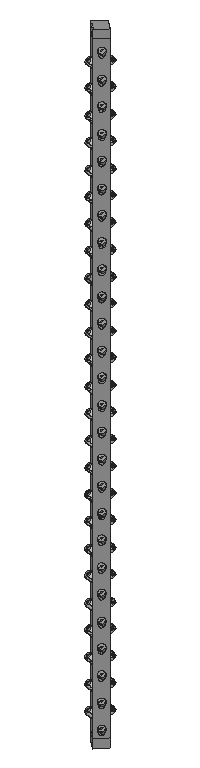
Revit family "Vertical Farm C", category Columns, Revit 2024 (continued)
Forms (in)
  Extrusion 508, solid, material "vert garm"
    sketch origin (-2.49011, 2.45256, 85.16682) x (0.707107, 0.707107, 0) y (-0.5, 0.5, -0.707107)
      loop
        circle (0, 0) r 1
    from 0 to -3
  Extrusion 509, solid
    sketch origin (-2.49011, 2.45256, 85.16682) x (0.707107, 0.707107, 0) y (-0.5, 0.5, -0.707107)
      loop
        circle (0, 0) r 1
      loop
        circle (0, 0) r 1.125
    from -0.35396 to -3
  Extrusion 510, void
    sketch origin (-2.49011, 2.45256, 85.16682) x (0.707107, 0.707107, 0) y (-0.5, 0.5, -0.707107)
      loop
        circle (0, 0) r 1.125
      loop
        circle (0, 0) r 1.09375
    from -0.35396 to -3
  Extrusion 511, solid, material "vert garm"
    sketch origin (-2.49011, 2.45256, 93.91682) x (0.707107, 0.707107, 0) y (-0.5, 0.5, -0.707107)
      loop
        circle (0, 0) r 0.3125
      loop
        circle (0, 0) r 1
    from 0 to -3
  Extrusion 512, solid
    sketch origin (-2.49011, 2.45256, 93.91682) x (0.707107, 0.707107, 0) y (-0.5, 0.5, -0.707107)
      loop
        circle (0, 0) r 1
      loop
        circle (0, 0) r 1.125
    from -0.35396 to -3
  Extrusion 513, void
    sketch origin (-2.49011, 2.45256, 93.91682) x (0.707107, 0.707107, 0) y (-0.5, 0.5, -0.707107)
      loop
        circle (0, 0) r 1.125
      loop
        circle (0, 0) r 1.09375
    from -0.35396 to -3
  Extrusion 514, solid, material "vert garm"
    sketch origin (-2.49011, 2.45256, 102.66682) x (0.707107, 0.707107, 0) y (-0.5, 0.5, -0.707107)
      loop
        circle (0, 0) r 0.3125
      loop
        circle (0, 0) r 1
    from 0 to -3
  Extrusion 515, solid
    sketch origin (-2.49011, 2.45256, 102.66682) x (0.707107, 0.707107, 0) y (-0.5, 0.5, -0.707107)
      loop
        circle (0, 0) r 1
      loop
        circle (0, 0) r 1.125
    from -0.35396 to -3
  Extrusion 516, void
    sketch origin (-2.49011, 2.45256, 102.66682) x (0.707107, 0.707107, 0) y (-0.5, 0.5, -0.707107)
      loop
        circle (0, 0) r 1.125
      loop
        circle (0, 0) r 1.09375
    from -0.35396 to -3
  Extrusion 517, solid, material "vert garm"
    sketch origin (-2.49011, 2.45256, 111.16682) x (0.707107, 0.707107, 0) y (-0.5, 0.5, -0.707107)
      loop
        circle (0, 0) r 0.3125
      loop
        circle (0, 0) r 1
    from 0 to -3
  Extrusion 518, solid
    sketch origin (-2.49011, 2.45256, 111.16682) x (0.707107, 0.707107, 0) y (-0.5, 0.5, -0.707107)
      loop
        circle (0, 0) r 1
      loop
        circle (0, 0) r 1.125
    from -0.35396 to -3
  Extrusion 519, void
    sketch origin (-2.49011, 2.45256, 111.16682) x (0.707107, 0.707107, 0) y (-0.5, 0.5, -0.707107)
      loop
        circle (0, 0) r 1.125
      loop
        circle (0, 0) r 1.09375
    from -0.35396 to -3
  Extrusion 520, solid, material "vert garm"
    sketch origin (-2.49011, 2.45256, 120.16682) x (0.707107, 0.707107, 0) y (-0.5, 0.5, -0.707107)
      loop
        circle (0, 0) r 0.3125
      loop
        circle (0, 0) r 1
    from 0 to -3
  Extrusion 521, solid
    sketch origin (-2.49011, 2.45256, 120.16682) x (0.707107, 0.707107, 0) y (-0.5, 0.5, -0.707107)
      loop
        circle (0, 0) r 1
      loop
        circle (0, 0) r 1.125
    from -0.35396 to -3
  Extrusion 522, void
    sketch origin (-2.49011, 2.45256, 120.16682) x (0.707107, 0.707107, 0) y (-0.5, 0.5, -0.707107)
      loop
        circle (0, 0) r 1.125
      loop
        circle (0, 0) r 1.09375
    from -0.35396 to -3
  Extrusion 523, solid, material "vert garm"
    sketch origin (-2.49011, 2.45256, 137.66682) x (0.707107, 0.707107, 0) y (-0.5, 0.5, -0.707107)
      loop
        circle (0, 0) r 0.3125
      loop
        circle (0, 0) r 1
    from 0 to -3
  Extrusion 524, solid
    sketch origin (-2.49011, 2.45256, 137.66682) x (0.707107, 0.707107, 0) y (-0.5, 0.5, -0.707107)
      loop
        circle (0, 0) r 1
      loop
        circle (0, 0) r 1.125
    from -0.35396 to -3
  Extrusion 525, void
    sketch origin (-2.49011, 2.45256, 137.66682) x (0.707107, 0.707107, 0) y (-0.5, 0.5, -0.707107)
      loop
        circle (0, 0) r 1.125
      loop
        circle (0, 0) r 1.09375
    from -0.35396 to -3
  Extrusion 526, solid, material "vert garm"
    sketch origin (-2.49011, 2.45256, 128.66682) x (0.707107, 0.707107, 0) y (-0.5, 0.5, -0.707107)
      loop
        circle (0, 0) r 0.3125
      loop
        circle (0, 0) r 1
    from 0 to -3
  Extrusion 527, solid
    sketch origin (-2.49011, 2.45256, 128.66682) x (0.707107, 0.707107, 0) y (-0.5, 0.5, -0.707107)
      loop
        circle (0, 0) r 1
      loop
        circle (0, 0) r 1.125
    from -0.35396 to -3
  Extrusion 528, void
    sketch origin (-2.49011, 2.45256, 128.66682) x (0.707107, 0.707107, 0) y (-0.5, 0.5, -0.707107)
      loop
        circle (0, 0) r 1.125
      loop
        circle (0, 0) r 1.09375
    from -0.35396 to -3
  Extrusion 529, solid, material "vert garm"
    sketch origin (-2.49011, 2.45256, 146.16682) x (0.707107, 0.707107, 0) y (-0.5, 0.5, -0.707107)
      loop
        circle (0, 0) r 0.3125
      loop
        circle (0, 0) r 1
    from 0 to -3
  Extrusion 530, solid
    sketch origin (-2.49011, 2.45256, 146.16682) x (0.707107, 0.707107, 0) y (-0.5, 0.5, -0.707107)
      loop
        circle (0, 0) r 1
      loop
        circle (0, 0) r 1.125
    from -0.35396 to -3
  Extrusion 531, void
    sketch origin (-2.49011, 2.45256, 146.16682) x (0.707107, 0.707107, 0) y (-0.5, 0.5, -0.707107)
      loop
        circle (0, 0) r 1.125
      loop
        circle (0, 0) r 1.09375
    from -0.35396 to -3
  Extrusion 532, solid, material "vert garm"
    sketch origin (2.54944, 2.53024, 80.92659) x (0.707107, -0.707107, 0) y (0.5, 0.5, -0.707107)
      loop
        circle (0, 0) r 0.3125
      loop
        circle (0, 0) r 1
    from 0 to -3
  Extrusion 533, solid
    sketch origin (2.54944, 2.53024, 80.92659) x (0.707107, -0.707107, 0) y (0.5, 0.5, -0.707107)
      loop
        circle (0, 0) r 1
      loop
        circle (0, 0) r 1.125
    from -0.35396 to -3
  Extrusion 534, void
    sketch origin (2.54944, 2.53024, 80.92659) x (0.707107, -0.707107, 0) y (0.5, 0.5, -0.707107)
      loop
        circle (0, 0) r 1.125
      loop
        circle (0, 0) r 1.09375
    from -0.35396 to -3
  Extrusion 535, solid, material "vert garm"
    sketch origin (2.54944, 2.53024, 89.66682) x (0.707107, -0.707107, 0) y (0.5, 0.5, -0.707107)
      loop
        circle (0, 0) r 0.3125
      loop
        circle (0, 0) r 1
    from 0 to -3
  Extrusion 536, solid
    sketch origin (2.54944, 2.53024, 89.66682) x (0.707107, -0.707107, 0) y (0.5, 0.5, -0.707107)
      loop
        circle (0, 0) r 1
      loop
        circle (0, 0) r 1.125
    from -0.35396 to -3
  Extrusion 537, void
    sketch origin (2.54944, 2.53024, 89.66682) x (0.707107, -0.707107, 0) y (0.5, 0.5, -0.707107)
      loop
        circle (0, 0) r 1.125
      loop
        circle (0, 0) r 1.09375
    from -0.35396 to -3
  Extrusion 538, solid, material "vert garm"
    sketch origin (2.54944, 2.53024, 98.41682) x (0.707107, -0.707107, 0) y (0.5, 0.5, -0.707107)
      loop
        circle (0, 0) r 0.3125
      loop
        circle (0, 0) r 1
    from 0 to -3
  Extrusion 539, solid
    sketch origin (2.54944, 2.53024, 98.41682) x (0.707107, -0.707107, 0) y (0.5, 0.5, -0.707107)
      loop
        circle (0, 0) r 1
      loop
        circle (0, 0) r 1.125
    from -0.35396 to -3
  Extrusion 540, void
    sketch origin (2.54944, 2.53024, 98.41682) x (0.707107, -0.707107, 0) y (0.5, 0.5, -0.707107)
      loop
        circle (0, 0) r 1.125
      loop
        circle (0, 0) r 1.09375
    from -0.35396 to -3
  Extrusion 541, solid, material "vert garm"
    sketch origin (2.54944, 2.53024, 107.16682) x (0.707107, -0.707107, 0) y (0.5, 0.5, -0.707107)
      loop
        circle (0, 0) r 0.3125
      loop
        circle (0, 0) r 1
    from 0 to -3
  Extrusion 542, solid
    sketch origin (2.54944, 2.53024, 107.16682) x (0.707107, -0.707107, 0) y (0.5, 0.5, -0.707107)
      loop
        circle (0, 0) r 1
      loop
        circle (0, 0) r 1.125
    from -0.35396 to -3
  Extrusion 543, void
    sketch origin (2.54944, 2.53024, 107.16682) x (0.707107, -0.707107, 0) y (0.5, 0.5, -0.707107)
      loop
        circle (0, 0) r 1.125
      loop
        circle (0, 0) r 1.09375
    from -0.35396 to -3
  Extrusion 544, solid, material "vert garm"
    sketch origin (2.54944, 2.53024, 115.66682) x (0.707107, -0.707107, 0) y (0.5, 0.5, -0.707107)
      loop
        circle (0, 0) r 0.3125
      loop
        circle (0, 0) r 1
    from 0 to -3
  Extrusion 545, solid
    sketch origin (2.54944, 2.53024, 115.66682) x (0.707107, -0.707107, 0) y (0.5, 0.5, -0.707107)
      loop
        circle (0, 0) r 1
      loop
        circle (0, 0) r 1.125
    from -0.35396 to -3
  Extrusion 546, void
    sketch origin (2.54944, 2.53024, 115.66682) x (0.707107, -0.707107, 0) y (0.5, 0.5, -0.707107)
      loop
        circle (0, 0) r 1.125
      loop
        circle (0, 0) r 1.09375
    from -0.35396 to -3
  Extrusion 547, solid, material "vert garm"
    sketch origin (2.54944, 2.53024, 124.66682) x (0.707107, -0.707107, 0) y (0.5, 0.5, -0.707107)
      loop
        circle (0, 0) r 0.3125
      loop
        circle (0, 0) r 1
    from 0 to -3
  Extrusion 548, solid
    sketch origin (2.54944, 2.53024, 124.66682) x (0.707107, -0.707107, 0) y (0.5, 0.5, -0.707107)
      loop
        circle (0, 0) r 1
      loop
        circle (0, 0) r 1.125
    from -0.35396 to -3
  Extrusion 549, void
    sketch origin (2.54944, 2.53024, 124.66682) x (0.707107, -0.707107, 0) y (0.5, 0.5, -0.707107)
      loop
        circle (0, 0) r 1.125
      loop
        circle (0, 0) r 1.09375
    from -0.35396 to -3
  Extrusion 550, solid, material "vert garm"
    sketch origin (2.54944, 2.53024, 142.16682) x (0.707107, -0.707107, 0) y (0.5, 0.5, -0.707107)
      loop
        circle (0, 0) r 0.3125
      loop
        circle (0, 0) r 1
    from 0 to -3
  Extrusion 551, solid
    sketch origin (2.54944, 2.53024, 142.16682) x (0.707107, -0.707107, 0) y (0.5, 0.5, -0.707107)
      loop
        circle (0, 0) r 1
      loop
        circle (0, 0) r 1.125
    from -0.35396 to -3
  Extrusion 552, void
    sketch origin (2.54944, 2.53024, 142.16682) x (0.707107, -0.707107, 0) y (0.5, 0.5, -0.707107)
      loop
        circle (0, 0) r 1.125
      loop
        circle (0, 0) r 1.09375
    from -0.35396 to -3
  Extrusion 553, solid, material "vert garm"
    sketch origin (2.54944, 2.53024, 133.16682) x (0.707107, -0.707107, 0) y (0.5, 0.5, -0.707107)
      loop
        circle (0, 0) r 0.3125
      loop
        circle (0, 0) r 1
    from 0 to -3
  Extrusion 554, solid
    sketch origin (2.54944, 2.53024, 133.16682) x (0.707107, -0.707107, 0) y (0.5, 0.5, -0.707107)
      loop
        circle (0, 0) r 1
      loop
        circle (0, 0) r 1.125
    from -0.35396 to -3
  Extrusion 555, void
    sketch origin (2.54944, 2.53024, 133.16682) x (0.707107, -0.707107, 0) y (0.5, 0.5, -0.707107)
      loop
        circle (0, 0) r 1.125
      loop
        circle (0, 0) r 1.09375
    from -0.35396 to -3
  Extrusion 556, solid, material "vert garm"
    sketch origin (2.54944, 2.53024, 150.66682) x (0.707107, -0.707107, 0) y (0.5, 0.5, -0.707107)
      loop
        circle (0, 0) r 0.3125
      loop
        circle (0, 0) r 1
    from 0 to -3
  Extrusion 557, solid
    sketch origin (2.54944, 2.53024, 150.66682) x (0.707107, -0.707107, 0) y (0.5, 0.5, -0.707107)
      loop
        circle (0, 0) r 1
      loop
        circle (0, 0) r 1.125
    from -0.35396 to -3
  Extrusion 558, void
    sketch origin (2.54944, 2.53024, 150.66682) x (0.707107, -0.707107, 0) y (0.5, 0.5, -0.707107)
      loop
        circle (0, 0) r 1.125
      loop
        circle (0, 0) r 1.09375
    from -0.35396 to -3
  Extrusion 559, solid, material "vert garm"
    sketch origin (-2.41244, -2.58698, 80.92659) x (-0.707107, 0.707107, 0) y (-0.5, -0.5, -0.707107)
      loop
        circle (0, 0) r 0.3125
      loop
        circle (0, 0) r 1
    from 0 to -3
  Extrusion 560, solid
    sketch origin (-2.41244, -2.58698, 80.92659) x (-0.707107, 0.707107, 0) y (-0.5, -0.5, -0.707107)
      loop
        circle (0, 0) r 1
      loop
        circle (0, 0) r 1.125
    from -0.35396 to -3
  Extrusion 561, void
    sketch origin (-2.41244, -2.58698, 80.92659) x (-0.707107, 0.707107, 0) y (-0.5, -0.5, -0.707107)
      loop
        circle (0, 0) r 1.125
      loop
        circle (0, 0) r 1.09375
    from -0.35396 to -3
  Extrusion 562, solid, material "vert garm"
    sketch origin (-2.41244, -2.58698, 89.66682) x (-0.707107, 0.707107, 0) y (-0.5, -0.5, -0.707107)
      loop
        circle (0, 0) r 0.3125
      loop
        circle (0, 0) r 1
    from 0 to -3
  Extrusion 563, solid
    sketch origin (-2.41244, -2.58698, 89.66682) x (-0.707107, 0.707107, 0) y (-0.5, -0.5, -0.707107)
      loop
        circle (0, 0) r 1
      loop
        circle (0, 0) r 1.125
    from -0.35396 to -3
  Extrusion 564, void
    sketch origin (-2.41244, -2.58698, 89.66682) x (-0.707107, 0.707107, 0) y (-0.5, -0.5, -0.707107)
      loop
        circle (0, 0) r 1.125
      loop
        circle (0, 0) r 1.09375
    from -0.35396 to -3
  Extrusion 565, solid, material "vert garm"
    sketch origin (-2.41244, -2.58698, 98.41682) x (-0.707107, 0.707107, 0) y (-0.5, -0.5, -0.707107)
      loop
        circle (0, 0) r 0.3125
      loop
        circle (0, 0) r 1
    from 0 to -3
  Extrusion 566, solid
    sketch origin (-2.41244, -2.58698, 98.41682) x (-0.707107, 0.707107, 0) y (-0.5, -0.5, -0.707107)
      loop
        circle (0, 0) r 1
      loop
        circle (0, 0) r 1.125
    from -0.35396 to -3
  Extrusion 567, void
    sketch origin (-2.41244, -2.58698, 98.41682) x (-0.707107, 0.707107, 0) y (-0.5, -0.5, -0.707107)
      loop
        circle (0, 0) r 1.125
      loop
        circle (0, 0) r 1.09375
    from -0.35396 to -3
  Extrusion 568, solid, material "vert garm"
    sketch origin (-2.41244, -2.58698, 107.16682) x (-0.707107, 0.707107, 0) y (-0.5, -0.5, -0.707107)
      loop
        circle (0, 0) r 0.3125
      loop
        circle (0, 0) r 1
    from 0 to -3
  Extrusion 569, solid
    sketch origin (-2.41244, -2.58698, 107.16682) x (-0.707107, 0.707107, 0) y (-0.5, -0.5, -0.707107)
      loop
        circle (0, 0) r 1
      loop
        circle (0, 0) r 1.125
    from -0.35396 to -3
  Extrusion 570, void
    sketch origin (-2.41244, -2.58698, 107.16682) x (-0.707107, 0.707107, 0) y (-0.5, -0.5, -0.707107)
      loop
        circle (0, 0) r 1.125
      loop
        circle (0, 0) r 1.09375
    from -0.35396 to -3
  Extrusion 571, solid, material "vert garm"
    sketch origin (-2.41244, -2.58698, 115.66682) x (-0.707107, 0.707107, 0) y (-0.5, -0.5, -0.707107)
      loop
        circle (0, 0) r 0.3125
      loop
        circle (0, 0) r 1
    from 0 to -3
  Extrusion 572, solid
    sketch origin (-2.41244, -2.58698, 115.66682) x (-0.707107, 0.707107, 0) y (-0.5, -0.5, -0.707107)
      loop
        circle (0, 0) r 1
      loop
        circle (0, 0) r 1.125
    from -0.35396 to -3
  Extrusion 573, void
    sketch origin (-2.41244, -2.58698, 115.66682) x (-0.707107, 0.707107, 0) y (-0.5, -0.5, -0.707107)
      loop
        circle (0, 0) r 1.125
      loop
        circle (0, 0) r 1.09375
    from -0.35396 to -3
  Extrusion 574, solid, material "vert garm"
    sketch origin (-2.41244, -2.58698, 124.66682) x (-0.707107, 0.707107, 0) y (-0.5, -0.5, -0.707107)
      loop
        circle (0, 0) r 0.3125
      loop
        circle (0, 0) r 1
    from 0 to -3
  Extrusion 575, solid
    sketch origin (-2.41244, -2.58698, 124.66682) x (-0.707107, 0.707107, 0) y (-0.5, -0.5, -0.707107)
      loop
        circle (0, 0) r 1
      loop
        circle (0, 0) r 1.125
    from -0.35396 to -3
  Extrusion 576, void
    sketch origin (-2.41244, -2.58698, 124.66682) x (-0.707107, 0.707107, 0) y (-0.5, -0.5, -0.707107)
      loop
        circle (0, 0) r 1.125
      loop
        circle (0, 0) r 1.09375
    from -0.35396 to -3
  Extrusion 577, solid, material "vert garm"
    sketch origin (-2.41244, -2.58698, 142.16682) x (-0.707107, 0.707107, 0) y (-0.5, -0.5, -0.707107)
      loop
        circle (0, 0) r 0.3125
      loop
        circle (0, 0) r 1
    from 0 to -3
  Extrusion 578, solid
    sketch origin (-2.41244, -2.58698, 142.16682) x (-0.707107, 0.707107, 0) y (-0.5, -0.5, -0.707107)
      loop
        circle (0, 0) r 1
      loop
        circle (0, 0) r 1.125
    from -0.35396 to -3
  Extrusion 579, void
    sketch origin (-2.41244, -2.58698, 142.16682) x (-0.707107, 0.707107, 0) y (-0.5, -0.5, -0.707107)
      loop
        circle (0, 0) r 1.125
      loop
        circle (0, 0) r 1.09375
    from -0.35396 to -3
  Extrusion 580, solid, material "vert garm"
    sketch origin (-2.41244, -2.58698, 133.16682) x (-0.707107, 0.707107, 0) y (-0.5, -0.5, -0.707107)
      loop
        circle (0, 0) r 0.3125
      loop
        circle (0, 0) r 1
    from 0 to -3
  Extrusion 581, solid
    sketch origin (-2.41244, -2.58698, 133.16682) x (-0.707107, 0.707107, 0) y (-0.5, -0.5, -0.707107)
      loop
        circle (0, 0) r 1
      loop
        circle (0, 0) r 1.125
    from -0.35396 to -3
  Extrusion 582, void
    sketch origin (-2.41244, -2.58698, 133.16682) x (-0.707107, 0.707107, 0) y (-0.5, -0.5, -0.707107)
      loop
        circle (0, 0) r 1.125
      loop
        circle (0, 0) r 1.09375
    from -0.35396 to -3
  Extrusion 583, solid, material "vert garm"
    sketch origin (-2.41244, -2.58698, 150.66682) x (-0.707107, 0.707107, 0) y (-0.5, -0.5, -0.707107)
      loop
        circle (0, 0) r 0.3125
      loop
        circle (0, 0) r 1
    from 0 to -3
  Extrusion 584, solid
    sketch origin (-2.41244, -2.58698, 150.66682) x (-0.707107, 0.707107, 0) y (-0.5, -0.5, -0.707107)
      loop
        circle (0, 0) r 1
      loop
        circle (0, 0) r 1.125
    from -0.35396 to -3
  Extrusion 585, void
    sketch origin (-2.41244, -2.58698, 150.66682) x (-0.707107, 0.707107, 0) y (-0.5, -0.5, -0.707107)
      loop
        circle (0, 0) r 1.125
      loop
        circle (0, 0) r 1.09375
    from -0.35396 to -3
  Extrusion 586, solid, material "vert garm"
    sketch origin (2.54944, 2.53024, 150.67659) x (0.707107, -0.707107, 0) y (0.5, 0.5, -0.707107)
      loop
        circle (0, 0) r 0.3125
      loop
        circle (0, 0) r 1
    from 0 to -3
  Extrusion 587, solid, material "vert garm"
    sketch origin (2.54944, 2.53024, 150.67659) x (0.707107, -0.707107, 0) y (0.5, 0.5, -0.707107)
      loop
        circle (0, 0) r 1
      loop
        circle (0, 0) r 1.125
    from -0.35396 to -3
  Extrusion 588, void
    sketch origin (2.54944, 2.53024, 150.67659) x (0.707107, -0.707107, 0) y (0.5, 0.5, -0.707107)
      loop
        circle (0, 0) r 1.125
      loop
        circle (0, 0) r 1.09375
    from -0.35396 to -3
  Extrusion 589, solid, material "vert garm"
    sketch origin (2.54944, 2.53024, 159.41682) x (0.707107, -0.707107, 0) y (0.5, 0.5, -0.707107)
      loop
        circle (0, 0) r 0.3125
      loop
        circle (0, 0) r 1
    from 0 to -3
  Extrusion 590, solid
    sketch origin (2.54944, 2.53024, 159.41682) x (0.707107, -0.707107, 0) y (0.5, 0.5, -0.707107)
      loop
        circle (0, 0) r 1
      loop
        circle (0, 0) r 1.125
    from -0.35396 to -3
  Extrusion 591, void
    sketch origin (2.54944, 2.53024, 159.41682) x (0.707107, -0.707107, 0) y (0.5, 0.5, -0.707107)
      loop
        circle (0, 0) r 1.125
      loop
        circle (0, 0) r 1.09375
    from -0.35396 to -3
  Extrusion 592, solid, material "vert garm"
    sketch origin (2.54944, 2.53024, 168.16682) x (0.707107, -0.707107, 0) y (0.5, 0.5, -0.707107)
      loop
        circle (0, 0) r 0.3125
      loop
        circle (0, 0) r 1
    from 0 to -3
  Extrusion 593, solid
    sketch origin (2.54944, 2.53024, 168.16682) x (0.707107, -0.707107, 0) y (0.5, 0.5, -0.707107)
      loop
        circle (0, 0) r 1
      loop
        circle (0, 0) r 1.125
    from -0.35396 to -3
  Extrusion 594, void
    sketch origin (2.54944, 2.53024, 168.16682) x (0.707107, -0.707107, 0) y (0.5, 0.5, -0.707107)
      loop
        circle (0, 0) r 1.125
      loop
        circle (0, 0) r 1.09375
    from -0.35396 to -3
  Extrusion 595, solid, material "vert garm"
    sketch origin (2.54944, 2.53024, 176.91682) x (0.707107, -0.707107, 0) y (0.5, 0.5, -0.707107)
      loop
        circle (0, 0) r 0.3125
      loop
        circle (0, 0) r 1
    from 0 to -3
  Extrusion 596, solid
    sketch origin (2.54944, 2.53024, 176.91682) x (0.707107, -0.707107, 0) y (0.5, 0.5, -0.707107)
      loop
        circle (0, 0) r 1
      loop
        circle (0, 0) r 1.125
    from -0.35396 to -3
  Extrusion 597, void
    sketch origin (2.54944, 2.53024, 176.91682) x (0.707107, -0.707107, 0) y (0.5, 0.5, -0.707107)
      loop
        circle (0, 0) r 1.125
      loop
        circle (0, 0) r 1.09375
    from -0.35396 to -3
  Extrusion 598, solid, material "vert garm"
    sketch origin (2.54944, 2.53024, 185.41682) x (0.707107, -0.707107, 0) y (0.5, 0.5, -0.707107)
      loop
        circle (0, 0) r 0.3125
      loop
        circle (0, 0) r 1
    from 0 to -3
  Extrusion 599, solid
    sketch origin (2.54944, 2.53024, 185.41682) x (0.707107, -0.707107, 0) y (0.5, 0.5, -0.707107)
      loop
        circle (0, 0) r 1
      loop
        circle (0, 0) r 1.125
    from -0.35396 to -3
  Extrusion 600, void
    sketch origin (2.54944, 2.53024, 185.41682) x (0.707107, -0.707107, 0) y (0.5, 0.5, -0.707107)
      loop
        circle (0, 0) r 1.125
      loop
        circle (0, 0) r 1.09375
    from -0.35396 to -3
  Extrusion 601, solid, material "vert garm"
    sketch origin (2.54944, 2.53024, 194.41682) x (0.707107, -0.707107, 0) y (0.5, 0.5, -0.707107)
      loop
        circle (0, 0) r 0.3125
      loop
        circle (0, 0) r 1
    from 0 to -3
  Extrusion 602, solid
    sketch origin (2.54944, 2.53024, 194.41682) x (0.707107, -0.707107, 0) y (0.5, 0.5, -0.707107)
      loop
        circle (0, 0) r 1
      loop
        circle (0, 0) r 1.125
    from -0.35396 to -3
  Extrusion 603, void
    sketch origin (2.54944, 2.53024, 194.41682) x (0.707107, -0.707107, 0) y (0.5, 0.5, -0.707107)
      loop
        circle (0, 0) r 1.125
      loop
        circle (0, 0) r 1.09375
    from -0.35396 to -3
  Extrusion 604, solid, material "vert garm"
    sketch origin (2.54944, 2.53024, 211.91682) x (0.707107, -0.707107, 0) y (0.5, 0.5, -0.707107)
      loop
        circle (0, 0) r 0.3125
      loop
        circle (0, 0) r 1
    from 0 to -3
  Extrusion 605, solid
    sketch origin (2.54944, 2.53024, 211.91682) x (0.707107, -0.707107, 0) y (0.5, 0.5, -0.707107)
      loop
        circle (0, 0) r 1
      loop
        circle (0, 0) r 1.125
    from -0.35396 to -3
  Extrusion 606, void
    sketch origin (2.54944, 2.53024, 211.91682) x (0.707107, -0.707107, 0) y (0.5, 0.5, -0.707107)
      loop
        circle (0, 0) r 1.125
      loop
        circle (0, 0) r 1.09375
    from -0.35396 to -3
  Extrusion 607, solid, material "vert garm"
    sketch origin (2.54944, 2.53024, 202.91682) x (0.707107, -0.707107, 0) y (0.5, 0.5, -0.707107)
      loop
        circle (0, 0) r 0.3125
      loop
        circle (0, 0) r 1
    from 0 to -3
  Extrusion 608, solid
    sketch origin (2.54944, 2.53024, 202.91682) x (0.707107, -0.707107, 0) y (0.5, 0.5, -0.707107)
      loop
        circle (0, 0) r 1
      loop
        circle (0, 0) r 1.125
    from -0.35396 to -3
  Extrusion 609, void
    sketch origin (2.54944, 2.53024, 202.91682) x (0.707107, -0.707107, 0) y (0.5, 0.5, -0.707107)
      loop
        circle (0, 0) r 1.125
      loop
        circle (0, 0) r 1.09375
    from -0.35396 to -3
  Extrusion 610, solid, material "vert garm"
    sketch origin (2.54944, 2.53024, 220.41682) x (0.707107, -0.707107, 0) y (0.5, 0.5, -0.707107)
      loop
        circle (0, 0) r 0.3125
      loop
        circle (0, 0) r 1
    from 0 to -3
  Extrusion 611, solid
    sketch origin (2.54944, 2.53024, 220.41682) x (0.707107, -0.707107, 0) y (0.5, 0.5, -0.707107)
      loop
        circle (0, 0) r 1
      loop
        circle (0, 0) r 1.125
    from -0.35396 to -3
  Extrusion 612, void
    sketch origin (2.54944, 2.53024, 220.41682) x (0.707107, -0.707107, 0) y (0.5, 0.5, -0.707107)
      loop
        circle (0, 0) r 1.125
      loop
        circle (0, 0) r 1.09375
    from -0.35396 to -3
  Extrusion 613, solid, material "vert garm"
    sketch origin (-2.41244, -2.58698, 150.67659) x (-0.707107, 0.707107, 0) y (-0.5, -0.5, -0.707107)
      loop
        circle (0, 0) r 0.3125
      loop
        circle (0, 0) r 1
    from 0 to -3
  Extrusion 614, solid, material "vert garm"
    sketch origin (-2.41244, -2.58698, 150.67659) x (-0.707107, 0.707107, 0) y (-0.5, -0.5, -0.707107)
      loop
        circle (0, 0) r 1
      loop
        circle (0, 0) r 1.125
    from -0.35396 to -3
  Extrusion 615, void
    sketch origin (-2.41244, -2.58698, 150.67659) x (-0.707107, 0.707107, 0) y (-0.5, -0.5, -0.707107)
      loop
        circle (0, 0) r 1.125
      loop
        circle (0, 0) r 1.09375
    from -0.35396 to -3
  Extrusion 616, solid, material "vert garm"
    sketch origin (-2.41244, -2.58698, 159.41682) x (-0.707107, 0.707107, 0) y (-0.5, -0.5, -0.707107)
      loop
        circle (0, 0) r 0.3125
      loop
        circle (0, 0) r 1
    from 0 to -3
  Extrusion 617, solid
    sketch origin (-2.41244, -2.58698, 159.41682) x (-0.707107, 0.707107, 0) y (-0.5, -0.5, -0.707107)
      loop
        circle (0, 0) r 1
      loop
        circle (0, 0) r 1.125
    from -0.35396 to -3
  Extrusion 618, void
    sketch origin (-2.41244, -2.58698, 159.41682) x (-0.707107, 0.707107, 0) y (-0.5, -0.5, -0.707107)
      loop
        circle (0, 0) r 1.125
      loop
        circle (0, 0) r 1.09375
    from -0.35396 to -3
  Extrusion 619, solid, material "vert garm"
    sketch origin (-2.41244, -2.58698, 168.16682) x (-0.707107, 0.707107, 0) y (-0.5, -0.5, -0.707107)
      loop
        circle (0, 0) r 0.3125
      loop
        circle (0, 0) r 1
    from 0 to -3
  Extrusion 620, solid
    sketch origin (-2.41244, -2.58698, 168.16682) x (-0.707107, 0.707107, 0) y (-0.5, -0.5, -0.707107)
      loop
        circle (0, 0) r 1
      loop
        circle (0, 0) r 1.125
    from -0.35396 to -3
  Extrusion 621, void
    sketch origin (-2.41244, -2.58698, 168.16682) x (-0.707107, 0.707107, 0) y (-0.5, -0.5, -0.707107)
      loop
        circle (0, 0) r 1.125
      loop
        circle (0, 0) r 1.09375
    from -0.35396 to -3
  Extrusion 622, solid, material "vert garm"
    sketch origin (-2.41244, -2.58698, 176.91682) x (-0.707107, 0.707107, 0) y (-0.5, -0.5, -0.707107)
      loop
        circle (0, 0) r 0.3125
      loop
        circle (0, 0) r 1
    from 0 to -3
  Extrusion 623, solid
    sketch origin (-2.41244, -2.58698, 176.91682) x (-0.707107, 0.707107, 0) y (-0.5, -0.5, -0.707107)
      loop
        circle (0, 0) r 1
      loop
        circle (0, 0) r 1.125
    from -0.35396 to -3
  Extrusion 624, void
    sketch origin (-2.41244, -2.58698, 176.91682) x (-0.707107, 0.707107, 0) y (-0.5, -0.5, -0.707107)
      loop
        circle (0, 0) r 1.125
      loop
        circle (0, 0) r 1.09375
    from -0.35396 to -3
  Extrusion 625, solid, material "vert garm"
    sketch origin (-2.41244, -2.58698, 185.41682) x (-0.707107, 0.707107, 0) y (-0.5, -0.5, -0.707107)
      loop
        circle (0, 0) r 0.3125
      loop
        circle (0, 0) r 1
    from 0 to -3
  Extrusion 626, solid
    sketch origin (-2.41244, -2.58698, 185.41682) x (-0.707107, 0.707107, 0) y (-0.5, -0.5, -0.707107)
      loop
        circle (0, 0) r 1
      loop
        circle (0, 0) r 1.125
    from -0.35396 to -3
  Extrusion 627, void
    sketch origin (-2.41244, -2.58698, 185.41682) x (-0.707107, 0.707107, 0) y (-0.5, -0.5, -0.707107)
      loop
        circle (0, 0) r 1.125
      loop
        circle (0, 0) r 1.09375
    from -0.35396 to -3
  Extrusion 628, solid, material "vert garm"
    sketch origin (-2.41244, -2.58698, 194.41682) x (-0.707107, 0.707107, 0) y (-0.5, -0.5, -0.707107)
      loop
        circle (0, 0) r 0.3125
      loop
        circle (0, 0) r 1
    from 0 to -3
  Extrusion 629, solid
    sketch origin (-2.41244, -2.58698, 194.41682) x (-0.707107, 0.707107, 0) y (-0.5, -0.5, -0.707107)
      loop
        circle (0, 0) r 1
      loop
        circle (0, 0) r 1.125
    from -0.35396 to -3
  Extrusion 630, void
    sketch origin (-2.41244, -2.58698, 194.41682) x (-0.707107, 0.707107, 0) y (-0.5, -0.5, -0.707107)
      loop
        circle (0, 0) r 1.125
      loop
        circle (0, 0) r 1.09375
    from -0.35396 to -3
  Extrusion 631, solid, material "vert garm"
    sketch origin (-2.41244, -2.58698, 211.91682) x (-0.707107, 0.707107, 0) y (-0.5, -0.5, -0.707107)
      loop
        circle (0, 0) r 0.3125
      loop
        circle (0, 0) r 1
    from 0 to -3
  Extrusion 632, solid
    sketch origin (-2.41244, -2.58698, 211.91682) x (-0.707107, 0.707107, 0) y (-0.5, -0.5, -0.707107)
      loop
        circle (0, 0) r 1
      loop
        circle (0, 0) r 1.125
    from -0.35396 to -3
  Extrusion 633, void
    sketch origin (-2.41244, -2.58698, 211.91682) x (-0.707107, 0.707107, 0) y (-0.5, -0.5, -0.707107)
      loop
        circle (0, 0) r 1.125
      loop
        circle (0, 0) r 1.09375
    from -0.35396 to -3
  Extrusion 634, solid, material "vert garm"
    sketch origin (-2.41244, -2.58698, 202.91682) x (-0.707107, 0.707107, 0) y (-0.5, -0.5, -0.707107)
      loop
        circle (0, 0) r 0.3125
      loop
        circle (0, 0) r 1
    from 0 to -3
  Extrusion 635, solid
    sketch origin (-2.41244, -2.58698, 202.91682) x (-0.707107, 0.707107, 0) y (-0.5, -0.5, -0.707107)
      loop
        circle (0, 0) r 1
      loop
        circle (0, 0) r 1.125
    from -0.35396 to -3
  Extrusion 636, void
    sketch origin (-2.41244, -2.58698, 202.91682) x (-0.707107, 0.707107, 0) y (-0.5, -0.5, -0.707107)
      loop
        circle (0, 0) r 1.125
      loop
        circle (0, 0) r 1.09375
    from -0.35396 to -3
  Extrusion 637, solid, material "vert garm"
    sketch origin (-2.41244, -2.58698, 220.41682) x (-0.707107, 0.707107, 0) y (-0.5, -0.5, -0.707107)
      loop
        circle (0, 0) r 0.3125
      loop
        circle (0, 0) r 1
    from 0 to -3
  Extrusion 638, solid
    sketch origin (-2.41244, -2.58698, 220.41682) x (-0.707107, 0.707107, 0) y (-0.5, -0.5, -0.707107)
      loop
        circle (0, 0) r 1
      loop
        circle (0, 0) r 1.125
    from -0.35396 to -3
  Extrusion 639, void
    sketch origin (-2.41244, -2.58698, 220.41682) x (-0.707107, 0.707107, 0) y (-0.5, -0.5, -0.707107)
      loop
        circle (0, 0) r 1.125
      loop
        circle (0, 0) r 1.09375
    from -0.35396 to -3
  Extrusion 640, solid, material "vert garm"
    sketch origin (2.62711, -2.50931, 146.17659) x (-0.707107, -0.707107, 0) y (0.5, -0.5, -0.707107)
      loop
        circle (0, 0) r 0.3125
      loop
        circle (0, 0) r 1
    from 0 to -3
  Extrusion 641, solid, material "vert garm"
    sketch origin (2.62711, -2.50931, 146.17659) x (-0.707107, -0.707107, 0) y (0.5, -0.5, -0.707107)
      loop
        circle (0, 0) r 1
      loop
        circle (0, 0) r 1.125
    from -0.35396 to -3
  Extrusion 642, void
    sketch origin (2.62711, -2.50931, 146.17659) x (-0.707107, -0.707107, 0) y (0.5, -0.5, -0.707107)
      loop
        circle (0, 0) r 1.125
      loop
        circle (0, 0) r 1.09375
    from -0.35396 to -3
  Extrusion 643, solid, material "vert garm"
    sketch origin (2.62711, -2.50931, 154.91682) x (-0.707107, -0.707107, 0) y (0.5, -0.5, -0.707107)
      loop
        circle (0, 0) r 0.3125
      loop
        circle (0, 0) r 1
    from 0 to -3
  Extrusion 644, solid
    sketch origin (2.62711, -2.50931, 154.91682) x (-0.707107, -0.707107, 0) y (0.5, -0.5, -0.707107)
      loop
        circle (0, 0) r 1
      loop
        circle (0, 0) r 1.125
    from -0.35396 to -3
  Extrusion 645, void
    sketch origin (2.62711, -2.50931, 154.91682) x (-0.707107, -0.707107, 0) y (0.5, -0.5, -0.707107)
      loop
        circle (0, 0) r 1.125
      loop
        circle (0, 0) r 1.09375
    from -0.35396 to -3
  Extrusion 646, solid, material "vert garm"
    sketch origin (2.62711, -2.50931, 163.66682) x (-0.707107, -0.707107, 0) y (0.5, -0.5, -0.707107)
      loop
        circle (0, 0) r 0.3125
      loop
        circle (0, 0) r 1
    from 0 to -3
  Extrusion 647, solid
    sketch origin (2.62711, -2.50931, 163.66682) x (-0.707107, -0.707107, 0) y (0.5, -0.5, -0.707107)
      loop
        circle (0, 0) r 1
      loop
        circle (0, 0) r 1.125
    from -0.35396 to -3
  Extrusion 648, void
    sketch origin (2.62711, -2.50931, 163.66682) x (-0.707107, -0.707107, 0) y (0.5, -0.5, -0.707107)
      loop
        circle (0, 0) r 1.125
      loop
        circle (0, 0) r 1.09375
    from -0.35396 to -3
  Extrusion 649, solid, material "vert garm"
    sketch origin (2.62711, -2.50931, 172.41682) x (-0.707107, -0.707107, 0) y (0.5, -0.5, -0.707107)
      loop
        circle (0, 0) r 0.3125
      loop
        circle (0, 0) r 1
    from 0 to -3
  Extrusion 650, solid
    sketch origin (2.62711, -2.50931, 172.41682) x (-0.707107, -0.707107, 0) y (0.5, -0.5, -0.707107)
      loop
        circle (0, 0) r 1
      loop
        circle (0, 0) r 1.125
    from -0.35396 to -3
  Extrusion 651, void
    sketch origin (2.62711, -2.50931, 172.41682) x (-0.707107, -0.707107, 0) y (0.5, -0.5, -0.707107)
      loop
        circle (0, 0) r 1.125
      loop
        circle (0, 0) r 1.09375
    from -0.35396 to -3
  Extrusion 652, solid, material "vert garm"
    sketch origin (2.62711, -2.50931, 180.91682) x (-0.707107, -0.707107, 0) y (0.5, -0.5, -0.707107)
      loop
        circle (0, 0) r 0.3125
      loop
        circle (0, 0) r 1
    from 0 to -3
  Extrusion 653, solid
    sketch origin (2.62711, -2.50931, 180.91682) x (-0.707107, -0.707107, 0) y (0.5, -0.5, -0.707107)
      loop
        circle (0, 0) r 1
      loop
        circle (0, 0) r 1.125
    from -0.35396 to -3
  Extrusion 654, void
    sketch origin (2.62711, -2.50931, 180.91682) x (-0.707107, -0.707107, 0) y (0.5, -0.5, -0.707107)
      loop
        circle (0, 0) r 1.125
      loop
        circle (0, 0) r 1.09375
    from -0.35396 to -3
  Extrusion 655, solid, material "vert garm"
    sketch origin (2.62711, -2.50931, 189.91682) x (-0.707107, -0.707107, 0) y (0.5, -0.5, -0.707107)
      loop
        circle (0, 0) r 0.3125
      loop
        circle (0, 0) r 1
    from 0 to -3
  Extrusion 656, solid
    sketch origin (2.62711, -2.50931, 189.91682) x (-0.707107, -0.707107, 0) y (0.5, -0.5, -0.707107)
      loop
        circle (0, 0) r 1
      loop
        circle (0, 0) r 1.125
    from -0.35396 to -3
  Extrusion 657, void
    sketch origin (2.62711, -2.50931, 189.91682) x (-0.707107, -0.707107, 0) y (0.5, -0.5, -0.707107)
      loop
        circle (0, 0) r 1.125
      loop
        circle (0, 0) r 1.09375
    from -0.35396 to -3
  Extrusion 658, solid, material "vert garm"
    sketch origin (2.62711, -2.50931, 207.41682) x (-0.707107, -0.707107, 0) y (0.5, -0.5, -0.707107)
      loop
        circle (0, 0) r 0.3125
      loop
        circle (0, 0) r 1
    from 0 to -3
  Extrusion 659, solid
    sketch origin (2.62711, -2.50931, 207.41682) x (-0.707107, -0.707107, 0) y (0.5, -0.5, -0.707107)
      loop
        circle (0, 0) r 1
      loop
        circle (0, 0) r 1.125
    from -0.35396 to -3
  Extrusion 660, void
    sketch origin (2.62711, -2.50931, 207.41682) x (-0.707107, -0.707107, 0) y (0.5, -0.5, -0.707107)
      loop
        circle (0, 0) r 1.125
      loop
        circle (0, 0) r 1.09375
    from -0.35396 to -3
  Extrusion 661, solid, material "vert garm"
    sketch origin (2.62711, -2.50931, 198.41682) x (-0.707107, -0.707107, 0) y (0.5, -0.5, -0.707107)
      loop
        circle (0, 0) r 0.3125
      loop
        circle (0, 0) r 1
    from 0 to -3
  Extrusion 662, solid
    sketch origin (2.62711, -2.50931, 198.41682) x (-0.707107, -0.707107, 0) y (0.5, -0.5, -0.707107)
      loop
        circle (0, 0) r 1
      loop
        circle (0, 0) r 1.125
    from -0.35396 to -3
  Extrusion 663, void
    sketch origin (2.62711, -2.50931, 198.41682) x (-0.707107, -0.707107, 0) y (0.5, -0.5, -0.707107)
      loop
        circle (0, 0) r 1.125
      loop
        circle (0, 0) r 1.09375
    from -0.35396 to -3
  Extrusion 664, solid, material "vert garm"
    sketch origin (2.62711, -2.50931, 215.91682) x (-0.707107, -0.707107, 0) y (0.5, -0.5, -0.707107)
      loop
        circle (0, 0) r 0.3125
      loop
        circle (0, 0) r 1
    from 0 to -3
  Extrusion 665, solid
    sketch origin (2.62711, -2.50931, 215.91682) x (-0.707107, -0.707107, 0) y (0.5, -0.5, -0.707107)
      loop
        circle (0, 0) r 1
      loop
        circle (0, 0) r 1.125
    from -0.35396 to -3
  Extrusion 666, void
    sketch origin (2.62711, -2.50931, 215.91682) x (-0.707107, -0.707107, 0) y (0.5, -0.5, -0.707107)
      loop
        circle (0, 0) r 1.125
      loop
        circle (0, 0) r 1.09375
    from -0.35396 to -3
  Extrusion 667, solid, material "vert garm"
    sketch origin (-2.49011, 2.45256, 146.17659) x (0.707107, 0.707107, 0) y (-0.5, 0.5, -0.707107)
      loop
        circle (0, 0) r 0.3125
      loop
        circle (0, 0) r 1
    from 0 to -3
  Extrusion 668, solid, material "vert garm"
    sketch origin (-2.49011, 2.45256, 146.17659) x (0.707107, 0.707107, 0) y (-0.5, 0.5, -0.707107)
      loop
        circle (0, 0) r 1
      loop
        circle (0, 0) r 1.125
    from -0.35396 to -3
  Extrusion 669, void
    sketch origin (-2.49011, 2.45256, 146.17659) x (0.707107, 0.707107, 0) y (-0.5, 0.5, -0.707107)
      loop
        circle (0, 0) r 1.125
      loop
        circle (0, 0) r 1.09375
    from -0.35396 to -3
  Extrusion 670, solid, material "vert garm"
    sketch origin (-2.49011, 2.45256, 154.91682) x (0.707107, 0.707107, 0) y (-0.5, 0.5, -0.707107)
      loop
        circle (0, 0) r 0.3125
      loop
        circle (0, 0) r 1
    from 0 to -3
  Extrusion 671, solid
    sketch origin (-2.49011, 2.45256, 154.91682) x (0.707107, 0.707107, 0) y (-0.5, 0.5, -0.707107)
      loop
        circle (0, 0) r 1
      loop
        circle (0, 0) r 1.125
    from -0.35396 to -3
  Extrusion 672, void
    sketch origin (-2.49011, 2.45256, 154.91682) x (0.707107, 0.707107, 0) y (-0.5, 0.5, -0.707107)
      loop
        circle (0, 0) r 1.125
      loop
        circle (0, 0) r 1.09375
    from -0.35396 to -3
  Extrusion 673, solid, material "vert garm"
    sketch origin (-2.49011, 2.45256, 163.66682) x (0.707107, 0.707107, 0) y (-0.5, 0.5, -0.707107)
      loop
        circle (0, 0) r 0.3125
      loop
        circle (0, 0) r 1
    from 0 to -3
  Extrusion 674, solid
    sketch origin (-2.49011, 2.45256, 163.66682) x (0.707107, 0.707107, 0) y (-0.5, 0.5, -0.707107)
      loop
        circle (0, 0) r 1
      loop
        circle (0, 0) r 1.125
    from -0.35396 to -3
  Extrusion 675, void
    sketch origin (-2.49011, 2.45256, 163.66682) x (0.707107, 0.707107, 0) y (-0.5, 0.5, -0.707107)
      loop
        circle (0, 0) r 1.125
      loop
        circle (0, 0) r 1.09375
    from -0.35396 to -3
  Extrusion 676, solid, material "vert garm"
    sketch origin (-2.49011, 2.45256, 172.41682) x (0.707107, 0.707107, 0) y (-0.5, 0.5, -0.707107)
      loop
        circle (0, 0) r 0.3125
      loop
        circle (0, 0) r 1
    from 0 to -3
  Extrusion 677, solid
    sketch origin (-2.49011, 2.45256, 172.41682) x (0.707107, 0.707107, 0) y (-0.5, 0.5, -0.707107)
      loop
        circle (0, 0) r 1
      loop
        circle (0, 0) r 1.125
    from -0.35396 to -3
  Extrusion 678, void
    sketch origin (-2.49011, 2.45256, 172.41682) x (0.707107, 0.707107, 0) y (-0.5, 0.5, -0.707107)
      loop
        circle (0, 0) r 1.125
      loop
        circle (0, 0) r 1.09375
    from -0.35396 to -3
  Extrusion 679, solid, material "vert garm"
    sketch origin (-2.49011, 2.45256, 180.91682) x (0.707107, 0.707107, 0) y (-0.5, 0.5, -0.707107)
      loop
        circle (0, 0) r 0.3125
      loop
        circle (0, 0) r 1
    from 0 to -3
  Extrusion 680, solid
    sketch origin (-2.49011, 2.45256, 180.91682) x (0.707107, 0.707107, 0) y (-0.5, 0.5, -0.707107)
      loop
        circle (0, 0) r 1
      loop
        circle (0, 0) r 1.125
    from -0.35396 to -3
  Extrusion 681, void
    sketch origin (-2.49011, 2.45256, 180.91682) x (0.707107, 0.707107, 0) y (-0.5, 0.5, -0.707107)
      loop
        circle (0, 0) r 1.125
      loop
        circle (0, 0) r 1.09375
    from -0.35396 to -3
  Extrusion 682, solid, material "vert garm"
    sketch origin (-2.49011, 2.45256, 189.91682) x (0.707107, 0.707107, 0) y (-0.5, 0.5, -0.707107)
      loop
        circle (0, 0) r 0.3125
      loop
        circle (0, 0) r 1
    from 0 to -3
  Extrusion 683, solid
    sketch origin (-2.49011, 2.45256, 189.91682) x (0.707107, 0.707107, 0) y (-0.5, 0.5, -0.707107)
      loop
        circle (0, 0) r 1
      loop
        circle (0, 0) r 1.125
    from -0.35396 to -3
  Extrusion 684, void
    sketch origin (-2.49011, 2.45256, 189.91682) x (0.707107, 0.707107, 0) y (-0.5, 0.5, -0.707107)
      loop
        circle (0, 0) r 1.125
      loop
        circle (0, 0) r 1.09375
    from -0.35396 to -3
  Extrusion 685, solid, material "vert garm"
    sketch origin (-2.49011, 2.45256, 207.41682) x (0.707107, 0.707107, 0) y (-0.5, 0.5, -0.707107)
      loop
        circle (0, 0) r 0.3125
      loop
        circle (0, 0) r 1
    from 0 to -3
  Extrusion 686, solid
    sketch origin (-2.49011, 2.45256, 207.41682) x (0.707107, 0.707107, 0) y (-0.5, 0.5, -0.707107)
      loop
        circle (0, 0) r 1
      loop
        circle (0, 0) r 1.125
    from -0.35396 to -3
  Extrusion 687, void
    sketch origin (-2.49011, 2.45256, 207.41682) x (0.707107, 0.707107, 0) y (-0.5, 0.5, -0.707107)
      loop
        circle (0, 0) r 1.125
      loop
        circle (0, 0) r 1.09375
    from -0.35396 to -3
  Extrusion 688, solid, material "vert garm"
    sketch origin (-2.49011, 2.45256, 198.41682) x (0.707107, 0.707107, 0) y (-0.5, 0.5, -0.707107)
      loop
        circle (0, 0) r 0.3125
      loop
        circle (0, 0) r 1
    from 0 to -3
  Extrusion 689, solid
    sketch origin (-2.49011, 2.45256, 198.41682) x (0.707107, 0.707107, 0) y (-0.5, 0.5, -0.707107)
      loop
        circle (0, 0) r 1
      loop
        circle (0, 0) r 1.125
    from -0.35396 to -3
  Extrusion 690, void
    sketch origin (-2.49011, 2.45256, 198.41682) x (0.707107, 0.707107, 0) y (-0.5, 0.5, -0.707107)
      loop
        circle (0, 0) r 1.125
      loop
        circle (0, 0) r 1.09375
    from -0.35396 to -3
  Extrusion 691, solid, material "vert garm"
    sketch origin (-2.49011, 2.45256, 215.91682) x (0.707107, 0.707107, 0) y (-0.5, 0.5, -0.707107)
      loop
        circle (0, 0) r 0.3125
      loop
        circle (0, 0) r 1
    from 0 to -3
  Extrusion 692, solid
    sketch origin (-2.49011, 2.45256, 215.91682) x (0.707107, 0.707107, 0) y (-0.5, 0.5, -0.707107)
      loop
        circle (0, 0) r 1
      loop
        circle (0, 0) r 1.125
    from -0.35396 to -3
  Extrusion 693, void
    sketch origin (-2.49011, 2.45256, 215.91682) x (0.707107, 0.707107, 0) y (-0.5, 0.5, -0.707107)
      loop
        circle (0, 0) r 1.125
      loop
        circle (0, 0) r 1.09375
    from -0.35396 to -3
  Extrusion 694, solid, material "vert garm"
    sketch origin (-2.41244, -2.58698, 220.41682) x (-0.707107, 0.707107, 0) y (-0.5, -0.5, -0.707107)
      loop
        circle (0, 0) r 0.3125
      loop
        circle (0, 0) r 1
    from 0 to -3
  Extrusion 695, solid
    sketch origin (-2.41244, -2.58698, 220.41682) x (-0.707107, 0.707107, 0) y (-0.5, -0.5, -0.707107)
      loop
        circle (0, 0) r 1
      loop
        circle (0, 0) r 1.125
    from -0.35396 to -3
  Extrusion 696, void
    sketch origin (-2.41244, -2.58698, 220.41682) x (-0.707107, 0.707107, 0) y (-0.5, -0.5, -0.707107)
      loop
        circle (0, 0) r 1.125
      loop
        circle (0, 0) r 1.09375
    from -0.35396 to -3
  Extrusion 697, solid, material "vert garm"
    sketch origin (2.62711, -2.50931, 224.91682) x (-0.707107, -0.707107, 0) y (0.5, -0.5, -0.707107)
      loop
        circle (0, 0) r 0.3125
      loop
        circle (0, 0) r 1
    from 0 to -3
  Extrusion 698, solid
    sketch origin (2.62711, -2.50931, 224.91682) x (-0.707107, -0.707107, 0) y (0.5, -0.5, -0.707107)
      loop
        circle (0, 0) r 1
      loop
        circle (0, 0) r 1.125
    from -0.35396 to -3
  Extrusion 699, void
    sketch origin (2.62711, -2.50931, 224.91682) x (-0.707107, -0.707107, 0) y (0.5, -0.5, -0.707107)
      loop
        circle (0, 0) r 1.125
      loop
        circle (0, 0) r 1.09375
    from -0.35396 to -3
  Extrusion 700, solid, material "vert garm"
    sketch origin (-2.49011, 2.45256, 224.91682) x (0.707107, 0.707107, 0) y (-0.5, 0.5, -0.707107)
      loop
        circle (0, 0) r 0.3125
      loop
        circle (0, 0) r 1
    from 0 to -3
  Extrusion 701, solid
    sketch origin (-2.49011, 2.45256, 224.91682) x (0.707107, 0.707107, 0) y (-0.5, 0.5, -0.707107)
      loop
        circle (0, 0) r 1
      loop
        circle (0, 0) r 1.125
    from -0.35396 to -3
  Extrusion 702, void
    sketch origin (-2.49011, 2.45256, 224.91682) x (0.707107, 0.707107, 0) y (-0.5, 0.5, -0.707107)
      loop
        circle (0, 0) r 1.125
      loop
        circle (0, 0) r 1.09375
    from -0.35396 to -3
Cuts and joins
  Extrusion 372 cuts Extrusion 367
  Extrusion 372 cuts Extrusion 371
  Extrusion 375 cuts Extrusion 374
  Extrusion 378 cuts Extrusion 377
  Extrusion 381 cuts Extrusion 380
  Extrusion 384 cuts Extrusion 383
  Extrusion 387 cuts Extrusion 386
  Extrusion 390 cuts Extrusion 389
  Extrusion 393 cuts Extrusion 392
  Extrusion 396 cuts Extrusion 395
  Extrusion 396 cuts Extrusion 533
  Extrusion 399 cuts Extrusion 398
  Extrusion 402 cuts Extrusion 401
  Extrusion 405 cuts Extrusion 404
  Extrusion 408 cuts Extrusion 407
  Extrusion 411 cuts Extrusion 410
  Extrusion 414 cuts Extrusion 413
  Extrusion 417 cuts Extrusion 416
  Extrusion 420 cuts Extrusion 419
  Extrusion 423 cuts Extrusion 422
  Extrusion 423 cuts Extrusion 560
  Extrusion 426 cuts Extrusion 425
  Extrusion 429 cuts Extrusion 428
  Extrusion 432 cuts Extrusion 431
  Extrusion 435 cuts Extrusion 434
  Extrusion 438 cuts Extrusion 437
  Extrusion 441 cuts Extrusion 440
  Extrusion 444 cuts Extrusion 443
  Extrusion 447 cuts Extrusion 446
  Extrusion 450 cuts Extrusion 449
  Extrusion 450 cuts Extrusion 479
  Extrusion 453 cuts Extrusion 452
  Extrusion 456 cuts Extrusion 455
  Extrusion 459 cuts Extrusion 458
  Extrusion 462 cuts Extrusion 461
  Extrusion 465 cuts Extrusion 464
  Extrusion 468 cuts Extrusion 467
  Extrusion 471 cuts Extrusion 470
  Extrusion 474 cuts Extrusion 473
  Extrusion 477 cuts Extrusion 476
  Extrusion 477 cuts Extrusion 506
  Extrusion 483 cuts Extrusion 482
  Extrusion 486 cuts Extrusion 485
  Extrusion 489 cuts Extrusion 488
  Extrusion 492 cuts Extrusion 491
  Extrusion 495 cuts Extrusion 494
  Extrusion 498 cuts Extrusion 497
  Extrusion 501 cuts Extrusion 500
  Extrusion 504 cuts Extrusion 503
  Extrusion 510 cuts Extrusion 509
  Extrusion 513 cuts Extrusion 512
  Extrusion 516 cuts Extrusion 515
  Extrusion 519 cuts Extrusion 518
  Extrusion 522 cuts Extrusion 521
  Extrusion 525 cuts Extrusion 524
  Extrusion 528 cuts Extrusion 527
  Extrusion 531 cuts Extrusion 530
  Extrusion 537 cuts Extrusion 536
  Extrusion 540 cuts Extrusion 539
  Extrusion 543 cuts Extrusion 542
  Extrusion 546 cuts Extrusion 545
  Extrusion 549 cuts Extrusion 548
  Extrusion 552 cuts Extrusion 551
  Extrusion 555 cuts Extrusion 554
  Extrusion 558 cuts Extrusion 557
  Extrusion 564 cuts Extrusion 563
  Extrusion 567 cuts Extrusion 566
  Extrusion 570 cuts Extrusion 569
  Extrusion 573 cuts Extrusion 572
  Extrusion 576 cuts Extrusion 575
  Extrusion 579 cuts Extrusion 578
  Extrusion 582 cuts Extrusion 581
  Extrusion 585 cuts Extrusion 584
  Extrusion 591 cuts Extrusion 590
  Extrusion 594 cuts Extrusion 593
  Extrusion 597 cuts Extrusion 596
  Extrusion 600 cuts Extrusion 599
  Extrusion 603 cuts Extrusion 602
  Extrusion 606 cuts Extrusion 605
  Extrusion 609 cuts Extrusion 608
  Extrusion 612 cuts Extrusion 611
  Extrusion 618 cuts Extrusion 617
  Extrusion 621 cuts Extrusion 620
  Extrusion 624 cuts Extrusion 623
  Extrusion 627 cuts Extrusion 626
  Extrusion 630 cuts Extrusion 629
  Extrusion 633 cuts Extrusion 632
  Extrusion 636 cuts Extrusion 635
  Extrusion 639 cuts Extrusion 638
  Extrusion 639 cuts Extrusion 695
  Extrusion 645 cuts Extrusion 644
  Extrusion 648 cuts Extrusion 647
  Extrusion 651 cuts Extrusion 650
  Extrusion 654 cuts Extrusion 653
  Extrusion 657 cuts Extrusion 656
  Extrusion 660 cuts Extrusion 659
  Extrusion 663 cuts Extrusion 662
  Extrusion 666 cuts Extrusion 665
  Extrusion 672 cuts Extrusion 671
  Extrusion 675 cuts Extrusion 674
  Extrusion 678 cuts Extrusion 677
  Extrusion 681 cuts Extrusion 680
  Extrusion 684 cuts Extrusion 683
  Extrusion 687 cuts Extrusion 686
  Extrusion 690 cuts Extrusion 689
  Extrusion 693 cuts Extrusion 692
  Extrusion 699 cuts Extrusion 698
  Extrusion 702 cuts Extrusion 701
Dimensions and locks (in)
  equal spacing: plane 4 "Left", plane 3 "Center (Left/Right)", plane 5 "Right"
  equal spacing: plane 7 "Front", plane 1 "Center (Front/Back)", plane 6 "Back"
  "Depth": plane 7 "Front" to plane 6 "Back"
  "Width": plane 4 "Left" to plane 5 "Right"
  "bottom of C": level to Extrusion 368
  "top of C": level to Extrusion 369
  aligned and locked: level to plane 2
Automatic sketch dimensions
  Extrusion 1 sketch curve to Extrusion 1 sketch curve = 0' - 0"  (x4)
  Extrusion 2 sketch curve to Extrusion 2 sketch curve = 0' - 0"  (x4)
  Extrusion 4 sketch curve to Extrusion 4 sketch curve = 0' - 0"  (x4)
  Extrusion 5 sketch curve to Extrusion 5 sketch curve = 0' - 0"  (x4)
  Extrusion 7 sketch curve to Extrusion 7 sketch curve = 0' - 0"  (x4)
  Extrusion 8 sketch curve to Extrusion 8 sketch curve = 0' - 0"  (x4)
  Extrusion 10 sketch curve to Extrusion 10 sketch curve = 0' - 0"  (x4)
  Extrusion 11 sketch curve to Extrusion 11 sketch curve = 0' - 0"  (x4)
  Extrusion 28 sketch curve to Extrusion 28 sketch curve = 0' - 0"  (x4)
  Extrusion 29 sketch curve to Extrusion 29 sketch curve = 0' - 0"  (x4)
  Extrusion 22 sketch curve to Extrusion 22 sketch curve = 0' - 0"  (x4)
  Extrusion 23 sketch curve to Extrusion 23 sketch curve = 0' - 0"  (x4)
  Extrusion 25 sketch curve to Extrusion 25 sketch curve = 0' - 0"  (x4)
  Extrusion 26 sketch curve to Extrusion 26 sketch curve = 0' - 0"  (x4)
  Extrusion 16 sketch curve to Extrusion 16 sketch curve = 0' - 0"  (x4)
  Extrusion 17 sketch curve to Extrusion 17 sketch curve = 0' - 0"  (x4)
  Extrusion 19 sketch curve to Extrusion 19 sketch curve = 0' - 0"  (x4)
  Extrusion 20 sketch curve to Extrusion 20 sketch curve = 0' - 0"  (x4)
  Extrusion 13 sketch curve to Extrusion 13 sketch curve = 0' - 0"  (x4)
  Extrusion 14 sketch curve to Extrusion 14 sketch curve = 0' - 0"  (x4)
  Extrusion 3 sketch curve to Extrusion 3 sketch curve = 0' - 0"  (x2)
  Extrusion 6 sketch curve to Extrusion 6 sketch curve = 0' - 0"  (x2)
  Extrusion 9 sketch curve to Extrusion 9 sketch curve = 0' - 0"  (x2)
  Extrusion 12 sketch curve to Extrusion 12 sketch curve = 0' - 0"  (x2)
  Extrusion 15 sketch curve to Extrusion 15 sketch curve = 0' - 0"  (x2)
  Extrusion 18 sketch curve to Extrusion 18 sketch curve = 0' - 0"  (x2)
  Extrusion 21 sketch curve to Extrusion 21 sketch curve = 0' - 0"  (x2)
  Extrusion 24 sketch curve to Extrusion 24 sketch curve = 0' - 0"  (x2)
  Extrusion 27 sketch curve to Extrusion 27 sketch curve = 0' - 0"  (x2)
  Extrusion 30 sketch curve to Extrusion 30 sketch curve = 0' - 0"  (x2)
  Extrusion 31 sketch curve to Extrusion 32 = 0' - 0"  (x10)
  Extrusion 32 sketch curve to Extrusion 32 sketch curve = 0' - 3.53553"  (x6)
  Extrusion 33 sketch curve to Extrusion 33 sketch curve = 0' - 3.53553"  (x5)
  Extrusion 33 sketch curve to Extrusion 33 sketch curve = 0' - 0"
  Extrusion 34 sketch curve to Extrusion 34 sketch curve = 0' - 0"  (x6)
  Extrusion 35 sketch curve to Extrusion 35 sketch curve = 0' - 0"  (x6)
  Extrusion 36 sketch curve to Extrusion 36 sketch curve = 0' - 0"  (x6)
  Extrusion 37 sketch curve to Extrusion 37 sketch curve = 0' - 0"  (x6)
  Extrusion 38 sketch curve to Extrusion 38 sketch curve = 0' - 0"  (x6)
  Extrusion 39 sketch curve to Extrusion 39 sketch curve = 0' - 0"  (x6)
  Extrusion 40 sketch curve to Extrusion 40 sketch curve = 0' - 0"  (x6)
  Extrusion 41 sketch curve to Extrusion 41 sketch curve = 0' - 0"  (x6)
  Extrusion 42 sketch curve to Extrusion 42 sketch curve = 0' - 0"  (x6)
  Extrusion 43 sketch curve to Extrusion 43 sketch curve = 0' - 0"  (x6)
  Extrusion 44 sketch curve to Extrusion 44 sketch curve = 0' - 0"  (x6)
  Extrusion 45 sketch curve to Extrusion 45 sketch curve = 0' - 0"  (x6)
  Extrusion 46 sketch curve to Extrusion 46 sketch curve = 0' - 0"  (x6)
  Extrusion 47 sketch curve to Extrusion 47 sketch curve = 0' - 0"  (x6)
  Extrusion 48 sketch curve to Extrusion 48 sketch curve = 0' - 0"  (x6)
  Extrusion 49 sketch curve to Extrusion 49 sketch curve = 0' - 0"  (x6)
  Extrusion 50 sketch curve to Extrusion 50 sketch curve = 0' - 0"  (x6)
  Extrusion 51 sketch curve to Extrusion 51 sketch curve = 0' - 0"  (x6)
  Extrusion 52 sketch curve to Extrusion 52 sketch curve = 0' - 0"  (x6)
  Extrusion 53 sketch curve to Extrusion 53 sketch curve = 0' - 0"  (x6)
  Extrusion 54 sketch curve to Extrusion 54 sketch curve = 0' - 0"  (x6)
  Extrusion 55 sketch curve to Extrusion 55 sketch curve = 0' - 0"  (x6)
  Extrusion 56 sketch curve to Extrusion 56 sketch curve = 0' - 0"  (x6)
  Extrusion 57 sketch curve to Extrusion 57 sketch curve = 0' - 0"  (x6)
  Extrusion 58 sketch curve to Extrusion 58 sketch curve = 0' - 0"  (x6)
  Extrusion 59 sketch curve to Extrusion 59 sketch curve = 0' - 0"  (x6)
  Extrusion 60 sketch curve to Extrusion 60 sketch curve = 0' - 0"  (x6)
  Extrusion 61 sketch curve to Extrusion 61 sketch curve = 0' - 0"  (x6)
  Extrusion 62 sketch curve to Extrusion 62 sketch curve = 0' - 0"  (x6)
  Extrusion 63 sketch curve to Extrusion 63 sketch curve = 0' - 0"  (x6)
  Extrusion 64 sketch curve to Extrusion 64 sketch curve = 0' - 0"  (x6)
  Extrusion 65 sketch curve to Extrusion 65 sketch curve = 0' - 0"  (x6)
  Extrusion 66 sketch curve to Extrusion 66 sketch curve = 0' - 0"  (x6)
  Extrusion 67 sketch curve to Extrusion 67 sketch curve = 0' - 0"  (x6)
  Extrusion 68 sketch curve to Extrusion 68 sketch curve = 0' - 0"  (x6)
  Extrusion 69 sketch curve to Extrusion 69 sketch curve = 0' - 0"  (x6)
  Extrusion 70 sketch curve to Extrusion 70 sketch curve = 0' - 0"  (x6)
  Extrusion 71 sketch curve to Extrusion 71 sketch curve = 0' - 0"  (x6)
  Extrusion 72 sketch curve to Extrusion 72 sketch curve = 0' - 0"  (x6)
  Extrusion 73 sketch curve to Extrusion 73 sketch curve = 0' - 0"  (x6)
  Extrusion 74 sketch curve to Extrusion 74 sketch curve = 0' - 0"  (x6)
  Extrusion 75 sketch curve to Extrusion 75 sketch curve = 0' - 0"  (x6)
  Extrusion 76 sketch curve to Extrusion 76 sketch curve = 0' - 0"  (x6)
  Extrusion 77 sketch curve to Extrusion 77 sketch curve = 0' - 0"  (x6)
  Extrusion 78 sketch curve to Extrusion 78 sketch curve = 0' - 0"  (x6)
  Extrusion 79 sketch curve to Extrusion 79 sketch curve = 0' - 0"  (x6)
  Extrusion 80 sketch curve to Extrusion 80 sketch curve = 0' - 0"  (x6)
  Extrusion 81 sketch curve to Extrusion 81 sketch curve = 0' - 0"  (x6)
  Extrusion 82 sketch curve to Extrusion 82 sketch curve = 0' - 0"  (x6)
  Extrusion 83 sketch curve to Extrusion 83 sketch curve = 0' - 0"  (x6)
  Extrusion 84 sketch curve to Extrusion 84 sketch curve = 0' - 0"  (x6)
  Extrusion 85 sketch curve to Extrusion 85 sketch curve = 0' - 0"  (x6)
  Extrusion 86 sketch curve to Extrusion 86 sketch curve = 0' - 0"  (x6)
  Extrusion 87 sketch curve to Extrusion 87 sketch curve = 0' - 0"  (x6)
  Extrusion 88 sketch curve to Extrusion 88 sketch curve = 0' - 0"  (x6)
  Extrusion 89 sketch curve to Extrusion 89 sketch curve = 0' - 0"  (x6)
  Extrusion 90 sketch curve to Extrusion 90 sketch curve = 0' - 0"  (x6)
  Extrusion 91 sketch curve to Extrusion 91 sketch curve = 0' - 0"  (x6)
  Extrusion 92 sketch curve to Extrusion 92 sketch curve = 0' - 0"  (x6)
